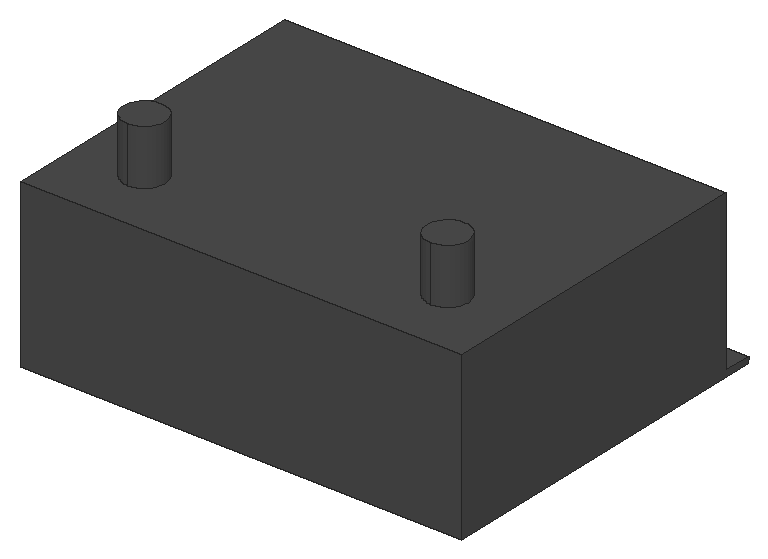
Revit family "BirdControl_Charger_BirdBGone_Direct", category Specialty Equipment, Revit 2018
Family settings
  Round Connector Dimension = Use Diameter
  Part Type = Normal
  OmniClass Number = 23.40.10.14.14.99
  OmniClass Title = Other Manufactured Exterior Specialties
  Work Plane-Based = Yes
  Always vertical = No
  Cut with Voids When Loaded = No
  Shared = No
  Room Calculation Point = No
Parameters (values of type "AC750")
  offset [instance] = 0' - 0"
  Warranty Duration (Years) = 0
  Unit Width = 0' - 8"
  Unit Height = 0' - 6"
  Unit Depth = 0' - 3"
  URL = "http://www.birdbgone.com/"
  Test Data = "http://www.birdbgone.com/bird-control-product-msds"
  Specification = "http://www.arcat.com/sdspecs/htm/10290bir.htm"
  SpecWizard = ""
  Send Message = "http://www.arcat.com/users.pl?action=UserEmail&company=Bird-B-Gone,%20Inc.&coid=38371&rep=147&fax=949-472-3116&mf="
  Sales Information = "http://www.birdbgone.com/bird-control-store/"
  Revision = "R1_10-2010"
  Product Properties = "http://www.arcat.com/bim/bim_info.pl?fn=BirdBGone"
  Product Data = "http://www.arcat.com/arcatcos/cos38/arc38371.html"
  Model = "As Specified in 10 81 19"
  Material [instance] = Metal - Bird B Gone - Black
  Manufacturer Website = "http://www.birdbgone.com/"
  Manufacturer Phone - Toll Free = "800-392-6915"
  Manufacturer Phone = "949-472-3122"
  Manufacturer Fax = "949-472-3116"
  Manufacturer Address = "23918 Skyline, Mission Viejo, CA 92692"
  Manufacturer = "Bird-B-Gone, Inc."
  Maintenance Schedule (Months) = 0
  Keynote = "10 81 19"
  Installation-Fabrication = "http://www.birdbgone.com/installation-instructions"
  Installation Phase = ""
  Green Building-LEED = "http://www.arcat.com/green/clients/leed_data_38371.html"
  Expected Lifespan (Years) = 0
  Drawn By = "Robert S. Weygant, CSI, CDT, SCIP"
  Description = "Bird Control Equipment as Specified in 10 81 19"
  Default Elevation = 4' - 0"
  Copyright = "wt"
  Construction Details = "http://www.arcat.com/details/birdbgon/birdbgon.html?coid=38371"
  Building Codes = "http://www.birdbgone.com/knowledge-center/"
  Assembly Code = "E1090900"
Reference planes (in)
  plane 1 "Center (Front/Back)": y = 0
  plane 2 "Bottom": z = 0
  plane 3 "Center (Left/Right)": x = 0
  plane 4 "Top": z = 3
  plane 5: x = -4
  plane 6: x = 4
  plane 7: y = 3
  plane 8: y = -3
Forms (in)
  Extrusion 1, solid, material "Metal - Bird B Gone - Black" <- "Material", detail levels medium+fine
    sketch origin (0, 0, 0) x (0, 1, 0) y (0, 0, 1)
      loop
        line (3, 0.125) -> (3, 3) -> (-3, 3) -> (-3, 0) -> (3.5, 0) -> (3.5, 0.125) -> (3, 0.125)
    from -4 to 4
  Extrusion 2, solid, material "Metal - Bird B Gone - Black" <- "Material", detail levels medium+fine
    sketch origin (-1.25, 1.25, 3) x (0, -1, 0) y (1, 0, 0)
      loop
        circle (3, 4) r 0.375
    from 0 to 1
  Extrusion 3, solid, material "Metal - Bird B Gone - Black" <- "Material", detail levels medium+fine
    sketch origin (1.25, 1.25, 3) x (0, -1, 0) y (1, 0, 0)
      loop
        circle (3, -4) r 0.375
    from 0 to 1
  Extrusion 4, solid, material "Metal - Bird B Gone - Black" <- "Material", detail levels medium+fine
    sketch origin (0.84233, 3, 0.62228) x (0, 0, 1) y (1, 0, 0)
      loop
        circle (0.00272, -4) r 0.25
    from 0 to 0.5
  Extrusion 5, solid, material "Metal - Bird B Gone - Black" <- "Material", detail levels medium+fine
    sketch origin (1.59233, 3, 0.62228) x (0, 0, 1) y (1, 0, 0)
      loop
        circle (0.00272, -4) r 0.25
    from 0 to 0.5
Cuts and joins
  joined: Extrusion 1, Extrusion 2, Extrusion 3, Extrusion 4, Extrusion 5
Lines and regions (in)
  model lines, style "Bird Control", detail levels fine
    curve 1: circle (0, -1.75, 3) r 0.25 normal (0, 0, 1)
Dimensions and locks (in)
  "Unit Depth": plane 4 "Top" to level
  equal spacing: plane 5, plane 3 "Center (Left/Right)", plane 6
  "Unit Width": plane 5 to plane 6
  equal spacing: plane 7, plane 1 "Center (Front/Back)", plane 8
  "Unit Height": plane 7 to plane 8
  aligned and locked: Extrusion 1 to plane 5
  aligned and locked: Extrusion 1 to plane 6
Automatic sketch dimensions
  Extrusion 1 sketch curve to level = 0' - 0"
  Extrusion 1 sketch curve to plane 8 = 0' - 0"
  Extrusion 1 sketch curve to plane 4 "Top" = 0' - 0"
  Extrusion 1 sketch curve to plane 7 = 0' - 0"
  level to Extrusion 1 sketch curve = 0' - 0 1/8"
  Extrusion 1 sketch curve to Extrusion 1 sketch curve = 0' - 0 1/2"
  Extrusion 2 sketch curve to Extrusion 1 = 0' - 1 1/4"
  Extrusion 1 to Extrusion 2 sketch curve = 0' - 1 1/4"
  Extrusion 3 sketch curve to Extrusion 1 = 0' - 1 1/4"
  Extrusion 1 to Extrusion 3 sketch curve = 0' - 1 1/4"
  curve 1 to Extrusion 1 = 0' - 1 1/4"
  Extrusion 1 to curve 1 = 0' - 4"
  Extrusion 1 to Extrusion 4 sketch curve = 0' - 0 1/2"
  Extrusion 1 to Extrusion 4 sketch curve = 0' - 0.84233"
  Extrusion 1 to Extrusion 5 sketch curve = 0' - 0 1/2"
  Extrusion 1 to Extrusion 5 sketch curve = 0' - 1.59233"
  radius of Extrusion 2 sketch curve = 0' - 0 3/8"
  radius of Extrusion 3 sketch curve = 0' - 0 3/8"
  radius of curve 1 = 0' - 0 1/4"
  radius of Extrusion 4 sketch curve = 0' - 0 1/4"
  radius of Extrusion 5 sketch curve = 0' - 0 1/4"
